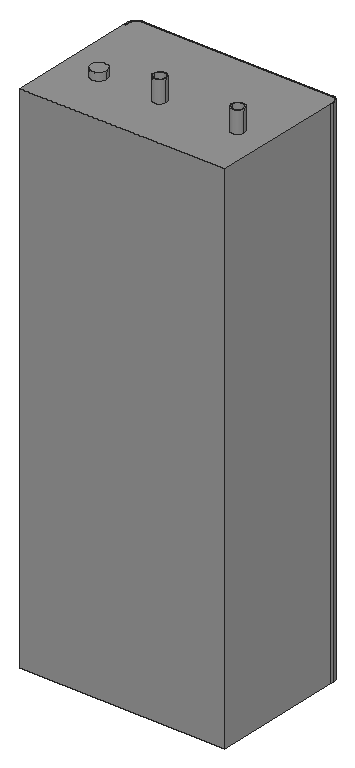
Revit family "ЭВАН В1 6-30 кВт", category Оборудование, Revit 2019
Family settings
  Размер круглого соединителя = Использовать диаметр
  Классификация = Нет
  Тип детали = Нормальный
  На основе рабочей плоскости = Да
  Всегда вертикально = Да
  При загрузке вырезать с полостями = Нет
  Общий = Нет
  Точка расчета площади = Нет
Parameters (values of type "ЭВАН В1 7,5 кВт")
  URL Ссылка = "https://www.evan.ru/products/elektrovodonagrevateli_protochnye/evan-v1"
  Сечение жилы кабеля [instance] = 0.00 m²
  Резьба патрубков для подключения трубопроводов теплоносителя = "G 1/2"  # constant formula
  Потребляемая электрическая мощность при максимальной тепловой мощность  в час, кВт/ч = 7.87
  Default Elevation = 0 mm
  Сила тока [instance] = 40 A
  Материал корпуса = Сталь
  Максимальная температура теплоносителя, оС = "+75"  # constant formula
  Объем колбы котла, л = "7,5"  # constant formula
  Минимально допустимое давление допустимое на входе в водонагреватель – Мпа = "0,02"  # constant formula
  База = "ЭЛЕКТРИЧЕСКИЙ ТЕПЛОГЕНЕРАТОР (КОТЕЛ)"  # constant formula
  URL = ""
  Dn = 16 mm  # constant formula
  ADSK_Расход теплоносителя = 0.18 m³/h
  ADSK_Размер_Ширина = 180 mm  # constant formula
  ADSK_Размер_Длина = 200 mm  # constant formula
  ADSK_Размер_Высота = 644.8 mm  # constant formula
  ADSK_Примечание [instance] = ""
  ADSK_Полная мощность [instance] = 7.5 kW
  ADSK_Позиция [instance] = ""
  ADSK_Номинальная мощность = 7500 W
  ADSK_Напряжение [instance] = 220 V
  ADSK_Наименование [instance] = "Электрический водонагреватель В1 7,5 кВт"
  ADSK_Материал = Сталь
  ADSK_Масса_Текст [instance] = "0"
  ADSK_Марка [instance] = ""
  ADSK_Коэффициент мощности [instance] = 1
  ADSK_Количество фаз = 1
  ADSK_Код изделия [instance] = ""
  ADSK_Классификация нагрузок = Прочее
  ADSK_Завод-изготовитель [instance] = "ООО \"ЭВАН\""
  ADSK_Единица измерения [instance] = "шт."  # constant formula
Types (9, lengths in mm): name | Потребляемая электрическая мощность при максимальной тепловой мощность  в час, кВт/ч | Сила тока | ADSK_Расход теплоносителя | ADSK_Полная мощность | ADSK_Номинальная мощность | ADSK_Напряжение | ADSK_Наименование | ADSK_Количество фаз
  ЭВАН В1 6 кВт | 6.3 | 40 A | 0.12 m³/h | 6 kW | 6000 W | 220 V | "Электрический водонагреватель В1 6 кВт" | 1
  ЭВАН В1 7,5 кВт | 7.87 | 40 A | 0.18 m³/h | 7.5 kW | 7500 W | 220 V | "Электрический водонагреватель В1 7,5 кВт" | 1
  ЭВАН В1 21 кВт | 22.02 | 40 A | 0.53 m³/h | 21 kW | 21000 W | 380 V | "Электрический водонагреватель ЭВАН В1 21 кВт" | 3
  ЭВАН В1 18 кВт | 18.9 | 40 A | 0.45 m³/h | 18 kW | 18000 W | 220 V | "Электрический водонагреватель ЭВАН В1 18 кВт" | 1
  ЭВАН В1 30 кВт | 37.8 | 63 A | 0.75 m³/h | 30 kW | 30000 W | 380 V | "Электрический водонагреватель ЭВАН В1 30 кВт" | 3
  ЭВАН В1 9 кВт | 9.45 | 50 A | 0.23 m³/h | 9 kW | 9000 W | 380 V | "Электрический водонагреватель ЭВАН В1 9 кВт" | 3
  ЭВАН В1 12 кВт | 12.6 | 25 A | 0.3 m³/h | 12 kW | 12000 W | 380 V | "Электрический водонагреватель ЭВАН В1 12 кВт" | 3
  ЭВАН В1 15 кВт | 15.75 | 32 A | 0.38 m³/h | 14 kW | 14000 W | 380 V | "Электрический водонагреватель ЭВАН В1 15 кВт" | 3
  ЭВАН В1 24 кВт | 25.2 | 50 A | 0.6 m³/h | 24 kW | 24000 W | 380 V | "Электрический водонагреватель ЭВАН В1 24 кВт" | 3
Reference planes
  plane 1 "По центру (Вперед/Назад)": y = 0
  plane 2: z = -74.8
  plane 3 "По центру (Влево/Вправо)": x = -104.5
  plane 4: x = -191
  plane 5: x = 64
  plane 6: y = 180
  plane 7: z = 570
  plane 8: y = 155
  plane 9: y = 178
  plane 10: y = 156
  plane 11: z = -49.8
  plane 12: x = -190
  plane 13: x = 63
  plane 14: z = 569
  plane 15: x = -136
  plane 16: x = 63
  plane 17: z = 565.5
  plane 18: z = 260.1
  plane 19: z = 53.5
  plane 20: z = -59.8
  plane 21: x = -71.609
  plane 22: z = 118.5
  plane 23: y = 178.942
  plane 24: z = 110
  plane 25: y = 54
  plane 26: x = 9
Forms (mm)
  Extrusion 1, solid, material "Сталь" <- "ADSK_Материал", detail levels medium+fine
    sketch origin (0, 0, -74.8) x (1, 0, 0) y (0, 1, 0)
      loop
        line (-191, 163) -> (-191, 0) -> (64, 0) -> (64, 163) -> (63, 163) -> (63, 169.695)
        arc (63, 169.695) -> (60.364, 174.364) -> (55.695, 177) r 10
        line (55.695, 177) -> (-182.695, 177)
        arc (-182.695, 177) -> (-187.364, 174.364) -> (-190, 169.695) r 10
        line (-190, 169.695) -> (-190, 163) -> (-191, 163)
    from 0 to 644.8
  Extrusion 2, solid, material "Сталь" <- "ADSK_Материал", detail levels medium+fine
    sketch origin (0, 0, -74.8) x (1, 0, 0) y (0, 1, 0)
      loop
        arc (64, 168) -> (61.071, 175.071) -> (54, 178) r 10
        line (54, 178) -> (-181, 178)
        arc (-181, 178) -> (-188.071, 175.071) -> (-191, 168) r 10
        line (-191, 168) -> (-191, 163) -> (-190, 163) -> (-190, 169.695)
        arc (-190, 169.695) -> (-187.364, 174.364) -> (-182.695, 177) r 10
        line (-182.695, 177) -> (55.695, 177)
        arc (55.695, 177) -> (60.364, 174.364) -> (63, 169.695) r 10
        line (63, 169.695) -> (63, 163) -> (64, 163) -> (64, 168)
    from 0 to 644.8
  Extrusion 3, void
    sketch origin (-29, 0, 0) x (1, 0, 0) y (0, 0, 1)
      loop
        circle (71.5, 556) r 6
      loop
        circle (-136.5, 556) r 6
    from 2 to 0
  Extrusion 4, solid, material "Никель", detail levels medium+fine
    sketch origin (29.417, -58.5, -74.8) x (1, 0, 0) y (0, 1, 0)
      loop
        circle (-176.609, 126) r 10
    from 653.681 to 644.8
  Extrusion 5, solid, material "Сталь" <- "ADSK_Материал", detail levels medium+fine
    sketch origin (-76.1, 0, 38.9) x (1, 0, 0) y (0, 0, 1)
      loop
        line (-89.21, 171.2) -> (-89.21, 79.6) -> (-28.4, 79.6) -> (-28.4, 171.2) -> (-89.21, 171.2)
    from -178.942 to -178
  Extrusion 6, solid, material "Латунь", detail levels medium+fine
    sketch origin (17.391, -9.5, 543.008) x (-1, 0, 0) y (0, -1, 0)
      loop
        circle (89, -77) r 8
      loop
        circle (89, -77) r 7
    from 26.992 to 53.192
  Extrusion 7, solid, material "Сталь" <- "ADSK_Материал", detail levels medium+fine
    sketch origin (-71.1, 0, 33.9) x (1, 0, 0) y (0, 0, 1)
      loop
        circle (-64.552, 161.892) r 10
      loop
        circle (-64.552, 106.892) r 15
      loop
        circle (-64.552, 139.392) r 5
    from -180 to -178.942
  Extrusion 8, solid, material "Латунь", detail levels medium+fine
    sketch origin (114.4, -9.5, 543.008) x (-1, 0, 0) y (0, -1, 0)
      loop
        circle (89, -77) r 8
      loop
        circle (89, -77) r 7
    from 26.992 to 53.192
Lines and regions (mm)
  symbolic lines
    curve 1: line (-65.609, 0, -59.8) -> (-65.609, 0, -104.8)
    curve 2: line (-132, 0, 53.5) -> (-132, 0, -104.8)
  model lines
    curve 3: line (-71.609, 77.5, -74.8) -> (-71.609, 87.5, -74.8)
Dimensions and locks
  Extrusion 4 to plane 7 = 8.881 mm
  locked: plane 6 to plane 8 at 25
  locked: plane 6 to plane 9 at 2
  "ADSK_Размер_Ширина": plane 1 "По центру (Вперед/Назад)" to plane 6
  plane 11 to plane 2 = 25 mm
  plane 13 to plane 5 = 1 mm
  plane 4 to plane 12 = 1 mm
  plane 7 to plane 14 = 1 mm
  equal spacing: plane 11, plane 18, plane 7
  locked: plane 2 to plane 11 at 25
  plane 10 to plane 1 "По центру (Вперед/Назад)" = 156 mm
  locked: plane 20 to plane 11 at 10
  plane 4 to plane 15 to plane 5 = 55 mm, 200 mm
  plane 5 to plane 4 = 255 mm  (x2)
  Extrusion 3 sketch curve to Extrusion 3 sketch curve = 208 mm
  "ADSK_Размер_Ширина": plane 6 to plane 1 "По центру (Вперед/Назад)"
  Extrusion 6 to Extrusion 4 = 17.319 mm
  plane 16 to plane 4 = 254 mm
  Extrusion 2 to Extrusion 4 = 8.881 mm
  plane 25 to plane 1 "По центру (Вперед/Назад)" = 54 mm
  plane 24 to level = 184.8 mm
  Extrusion 1 to plane 15 = 55 mm
  "ADSK_Размер_Высота": level to plane 7
  level to Extrusion 6 = 671 mm
  diameter of Extrusion 4 sketch curve = 20 mm
  diameter of Extrusion 6 sketch curve = 16 mm
  diameter of Extrusion 8 sketch curve = 16 mm
  aligned and locked: level to plane 2
  aligned and locked: plane 4 to Extrusion 1 sketch curve
  aligned and locked: Extrusion 1 sketch curve to plane 1 "По центру (Вперед/Назад)"
  aligned and locked: Extrusion 1 sketch curve to plane 5
  aligned and locked: plane 7 to Extrusion 1
  aligned and locked: Extrusion 2 sketch curve to plane 5
  aligned and locked: Extrusion 2 sketch curve to plane 4
  aligned and locked: Extrusion 2 sketch curve to plane 9
  aligned and locked: plane 1 "По центру (Вперед/Назад)" to Extrusion 3
  aligned and locked: Extrusion 5 to plane 9
Automatic sketch dimensions
  curve 2 to plane 19 = 0 mm
  curve 1 to plane 20 = 0 mm
  curve 2 to plane 15 = 4 mm
  plane 21 to curve 1 = 6 mm
  curve 2 to level = 30 mm
  curve 1 to level = 30 mm
  Extrusion 1 sketch curve to plane 12 = 0 mm
  Extrusion 1 sketch curve to plane 13 = 0 mm
  Extrusion 1 sketch curve to plane 9 = 1 mm
  plane 12 to Extrusion 1 sketch curve = 7.305 mm
  plane 12 to Extrusion 1 sketch curve = 9.707 mm
  Extrusion 1 sketch curve to plane 13 = 9.707 mm
  Extrusion 1 sketch curve to plane 13 = 7.305 mm
  plane 8 to Extrusion 1 sketch curve = 8 mm  (x2)
  Extrusion 1 sketch curve to Extrusion 1 sketch curve = 9.707 mm  (x2)
  Extrusion 2 sketch curve to plane 12 = 0 mm
  Extrusion 2 sketch curve to plane 13 = 0 mm
  Extrusion 2 sketch curve to plane 9 = 1 mm
  plane 12 to Extrusion 2 sketch curve = 7.305 mm
  Extrusion 2 sketch curve to Extrusion 2 sketch curve = 1.695 mm  (x2)
  Extrusion 2 sketch curve to Extrusion 2 sketch curve = 0.707 mm  (x3)
  Extrusion 2 sketch curve to plane 13 = 9.707 mm
  Extrusion 2 sketch curve to plane 13 = 9 mm
  Extrusion 2 sketch curve to Extrusion 2 sketch curve = 5 mm  (x2)
  Extrusion 3 sketch curve to plane 17 = 9.5 mm  (x2)
  plane 12 to Extrusion 3 sketch curve = 24.5 mm
  Extrusion 3 sketch curve to plane 13 = 20.5 mm
  Extrusion 4 sketch curve to plane 21 = 75.583 mm
  plane 25 to Extrusion 4 sketch curve = 13.5 mm
  Extrusion 5 sketch curve to plane 22 = 0 mm
  Extrusion 5 sketch curve to plane 3 "По центру (Влево/Вправо)" = 0 mm
  plane 12 to Extrusion 5 sketch curve = 24.69 mm
  Extrusion 5 sketch curve to plane 18 = 50 mm
  Extrusion 6 sketch curve to Extrusion 6 sketch curve = 0 mm  (x2)
  Extrusion 6 sketch curve to plane 15 = 64.391 mm
  plane 25 to Extrusion 6 sketch curve = 13.5 mm
  Extrusion 8 sketch curve to Extrusion 8 sketch curve = 0 mm  (x2)
  plane 25 to Extrusion 8 sketch curve = 13.5 mm
  Extrusion 8 sketch curve to plane 26 = 16.4 mm
  Extrusion 7 sketch curve to plane 15 = 0.348 mm  (x3)
  plane 22 to Extrusion 7 sketch curve = 22.292 mm
  Extrusion 7 sketch curve to Extrusion 7 sketch curve = 32.5 mm
  Extrusion 7 sketch curve to Extrusion 7 sketch curve = 22.5 mm
  curve 3 to plane 21 = 0 mm
  plane 25 to curve 3 = 23.5 mm
  curve 3 to curve 3 = 10 mm
  radius of Extrusion 3 sketch curve = 6 mm  (x2)
  radius of Extrusion 6 sketch curve = 7 mm
  radius of Extrusion 8 sketch curve = 7 mm
  radius of Extrusion 7 sketch curve = 10 mm
  radius of Extrusion 7 sketch curve = 15 mm
  radius of Extrusion 7 sketch curve = 5 mm
Connectors
  electrical at (-147.192, 67.5, 578.881), driven by "ADSK_Количество фаз", driven by "ADSK_Классификация нагрузок", driven by "ADSK_Напряжение", driven by "ADSK_Полная мощность", driven by "ADSK_Коэффициент мощности"
    settings: on Extrusion 4, index 3, voltage 220 V, apparent load 7.5 kW, apparent load phase1 0 kW, apparent load phase2 0 kW, apparent load phase3 0 kW, power factor 1, load classification "Прочее", number of poles 1, system type 30, power factor state 1, is connector primary yes, connector utility no, sub classification motor no, connector description ""
  piping at (-71.609, 67.5, 570), diameter 16, driven by "Dn", driven by "ADSK_Расход теплоносителя"
    settings: on Extrusion 6, index 6, connector inside diameter 609.6 mm, connector length 0 mm, flow factor 0, pipe flow 0.18 m³/h, pressure drop 0.0 MPa, fitting loss kfactor 0, connector angle 0.00°, fixture units 0, engagement length 0 mm, angle of deflection 0.00°, flow configuration 0, flow direction 2, fitting loss method 0, system type 19, joint type 0, gender type 0, connector reference index -1, connector utility 0, adjustable connector no, is connector primary yes, connector description ""
  piping at (25.4, 67.5, 570), diameter 16, driven by "Dn", driven by "ADSK_Расход теплоносителя"
    settings: on Extrusion 8, index 7, connector inside diameter 609.6 mm, connector length 0 mm, flow factor 0, pipe flow 0.18 m³/h, pressure drop 0.0 MPa, fitting loss kfactor 0, connector angle 0.00°, fixture units 0, engagement length 0 mm, angle of deflection 0.00°, flow configuration 0, flow direction 2, fitting loss method 0, system type 20, joint type 0, gender type 0, connector reference index -1, connector utility 0, adjustable connector no, is connector primary no, connector description ""
